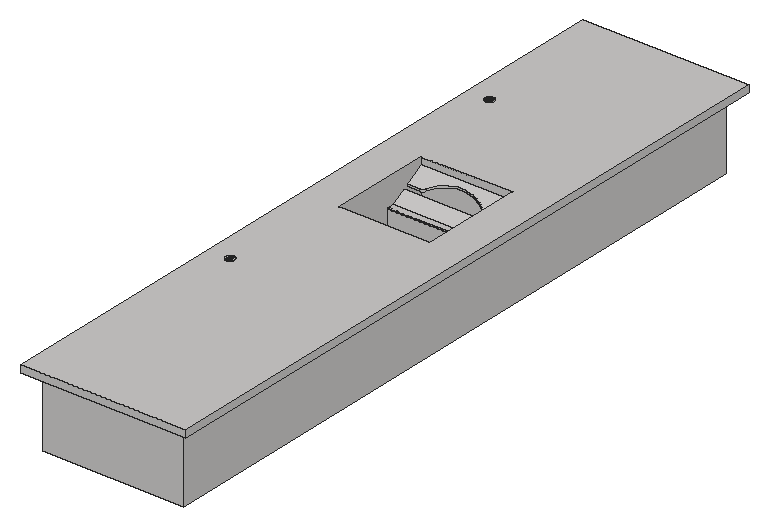
Revit family "B-3803", category Specialty Equipment, host Face, Revit 2019
Family settings
  Host = Face
  Round Connector Dimension = Use Diameter
  Part Type = Normal
  OmniClass Number = 23.40.20.21.17
  OmniClass Title = Paper Towel Dispensers, Disposal Units
  Cut with Voids When Loaded = Yes
  Shared = Yes
  Room Calculation Point = No
Parameters (values of type "B-3803")
  Width = 13"
  URL = "http://www.bobrick.com/"
  Type Comments = ""
  Revised Date = "11/05/2020"  # constant formula
  Product Page URL = "https://www.bobrick.com/products/washroom-accessories/washroom-accessories-catalog/product/b-3803/"
  Product Documentation Link = "https://www.bobrick.com/wp-content/uploads/B-3803_td.pdf"
  Model = "B-3803"
  Material = "Stainless Steel-Bobrick-Satin"
  Manufacturer = "Bobrick"
  Length = 5 5/8"
  Height = 55 1/8"
  Finish = Stainless Steel-Bobrick-Satin
  Description = "TrimLineSeries Recessed Paper Towel Dispenser And Waste Receptacle"
  Default Elevation = 37 3/8"  # constant formula
  Creation Date = "04/24/2018"  # constant formula
  Assembly Code = "C1030200"
Reference planes (in)
  plane 1 "Center (Front/Back)": y = 0
  plane 2: z = 0
  plane 3 "Center (Left/Right)": x = 0
  plane 4: x = -6.5
  plane 5: y = 27.5625
  plane 6: y = -27.5625
  plane 7: x = 6.5
  plane 8: x = 5.53125
  plane 9: x = -5.53125
  plane 10: y = 26.59375
  plane 11: y = -26.59375
  plane 12: z = -5.625
  plane 13: z = 2.5625
  plane 14: y = 6.6875
  plane 15: z = 0.5625
  plane 16: x = -4.74385
  plane 17: y = -9.19474
Forms (in)
  Extrusion 1, solid, material "Stainless Steel-Bobrick-Satin" <- "Finish"
    sketch origin (0, 0, 0) x (1, 0, 0) y (0, 1, 0)
      loop
        line (-5.53125, 26.59375) -> (-5.53125, -26.59375) -> (5.53125, -26.59375) -> (5.53125, 26.59375) -> (-5.53125, 26.59375)
      loop
        line (-3.58641, 8.07155) -> (-3.58641, 0) -> (3.58641, 0) -> (3.58641, 8.07155) -> (-3.58641, 8.07155)
    from -5.625 to 0
  Extrusion 2, solid, material "Stainless Steel-Bobrick-Satin" <- "Finish"
    sketch origin (0, 0, 0) x (1, 0, 0) y (0, 1, 0)
      loop
        line (-6.5, 27.5625) -> (-6.5, -27.5625) -> (6.5, -27.5625) -> (6.5, 27.5625) -> (-6.5, 27.5625)
      loop
        line (-3.58641, 0) -> (3.58641, 0) -> (3.58641, 8.07155) -> (-3.58641, 8.07155) -> (-3.58641, 0)
    from 0 to 0.5625
  Extrusion 3, solid, material "Stainless Steel-Bobrick-Satin" <- "Finish"
    sketch origin (0, 0, -2) x (0, 1, 0) y (0, 0, 1)
      loop
        line (8.07155, 2.02646) -> (5.31939, 0.4375) -> (4.75, 0.4375) -> (4.75, 0.35217) -> (4.90252, 0.35217) -> (5.091, 0.16369) -> (8.07155, 1.88451) -> (8.07155, 2.02646)
    from -3.58641 to 3.58641
  Extrusion 4, void
    sketch origin (0, 0, -2) x (1, 0, 0) y (0, 1, 0)
      loop
        line (-3.58641, 6.34584) -> (3.58641, 6.34584) -> (3.58641, 6.6875) -> (2.64341, 6.6875)
        arc (2.64341, 6.6875) -> (2.43706, 6.724) -> (2.25575, 6.82907) r 0.60156
        arc (2.25575, 6.82907) -> (0.03836, 7.63874) -> (-2.17892, 6.82877) r 3.44051
        arc (-2.17892, 6.82877) -> (-2.3598, 6.72392) -> (-2.56568, 6.6875) r 0.60007
        line (-2.56568, 6.6875) -> (-3.58641, 6.6875) -> (-3.58641, 6.34584)
    from 0 to 2.07578
  Extrusion 5, void
    sketch origin (0, 0, 0) x (1, 0, 0) y (0, 1, 0)
      loop
        line (-5.53125, 26.59375) -> (-5.53125, -26.59375) -> (5.53125, -26.59375) -> (5.53125, 26.59375) -> (-5.53125, 26.59375)
    from -5.625 to 2.5625
  Extrusion 6, void
    sketch origin (-9.48412, 32.44212, 0) x (-1, 0, 0) y (0, -1, 0)
      loop
        line (-4.78434, 15.987) -> (-4.70234, 15.987) -> (-4.70234, 16.10642)
        arc (-4.70234, 16.10642) -> (-4.61659, 16.22543) -> (-4.70234, 16.34445) r 0.12547
        line (-4.70234, 16.34445) -> (-4.70234, 16.377) -> (-4.78434, 16.377) -> (-4.78434, 16.34356)
        arc (-4.78434, 16.34356) -> (-4.86753, 16.22543) -> (-4.78434, 16.1073) r 0.12547
        line (-4.78434, 16.1073) -> (-4.78434, 15.987)
      loop
        line (-4.72772, 16.01825) -> (-4.72772, 16.34575) -> (-4.75897, 16.34575) -> (-4.75897, 16.01825) -> (-4.72772, 16.01825)
    from 0.53376 to 0.58531
  Revolve 7, solid, material "Stainless Steel-Bobrick-Satin" <- "Finish"
    sketch origin (-4.74966, 14.92995, -3.67492) x (0, -1, 0) y (0, 0, 1)
      loop
        line (-1.31454, 3.98742) -> (-0.97157, 3.98742) -> (-0.97157, 4.23742) -> (-1.00305, 4.20594)
        arc (-1.00305, 4.20594) -> (-1.01228, 4.2282) -> (-1.03454, 4.23742) r 0.03148
        line (-1.03454, 4.23742) -> (-1.31454, 4.23742) -> (-1.31454, 3.98742)
      axis (-1.31454, 3.98742) -> (-1.31454, 4.23742)
    angle from 0 to 360
  Extrusion 8, void
    sketch origin (-9.48412, 7.00189, 0) x (-1, 0, 0) y (0, -1, 0)
      loop
        line (-4.78434, 15.987) -> (-4.70234, 15.987) -> (-4.70234, 16.10642)
        arc (-4.70234, 16.10642) -> (-4.61659, 16.22543) -> (-4.70234, 16.34445) r 0.12547
        line (-4.70234, 16.34445) -> (-4.70234, 16.377) -> (-4.78434, 16.377) -> (-4.78434, 16.34356)
        arc (-4.78434, 16.34356) -> (-4.86753, 16.22543) -> (-4.78434, 16.1073) r 0.12547
        line (-4.78434, 16.1073) -> (-4.78434, 15.987)
      loop
        line (-4.72772, 16.01825) -> (-4.72772, 16.34575) -> (-4.75897, 16.34575) -> (-4.75897, 16.01825) -> (-4.72772, 16.01825)
    from 0.53249 to 0.58531
  Revolve 9, solid, material "Stainless Steel-Bobrick-Satin" <- "Finish"
    sketch origin (-4.74966, -10.51027, -3.67492) x (0, -1, 0) y (0, 0, 1)
      loop
        line (-1.31454, 3.98742) -> (-0.97157, 3.98742) -> (-0.97157, 4.23742) -> (-1.00305, 4.20594)
        arc (-1.00305, 4.20594) -> (-1.01228, 4.2282) -> (-1.03454, 4.23742) r 0.03148
        line (-1.03454, 4.23742) -> (-1.31454, 4.23742) -> (-1.31454, 3.98742)
      axis (-1.31454, 3.98742) -> (-1.31454, 4.23742)
    angle from 0 to 360
  Extrusion 10, solid, material "Stainless Steel-Bobrick-Satin" <- "Finish"
    sketch origin (0, 0, 0) x (1, 0, 0) y (0, 1, 0)
      loop
        line (3.58641, 0) -> (3.58641, 8.07155) -> (-3.58641, 8.07155) -> (-3.58641, 0) -> (3.58641, 0)
    from -5.625 to -5.57849
  Extrusion 11, solid, material "Stainless Steel-Bobrick-Satin" <- "Finish"
    sketch origin (0, 0, 0) x (0, 1, 0) y (0, 0, 1)
      loop
        line (4.75, -1.64783) -> (4.75, -5.57849) -> (4.78354, -5.57849) -> (4.78354, -1.64783) -> (4.75, -1.64783)
    from -3.58641 to 3.58641
Cuts and joins
  Extrusion 4, Extrusion 6, Extrusion 8 cuts Extrusion 1
  Extrusion 4, Extrusion 6, Extrusion 8 cuts Extrusion 2
  joined: Extrusion 1, Extrusion 2, Extrusion 10
  Extrusion 4 cuts Extrusion 3
  Extrusion 6, Extrusion 8 cuts Revolve 7
  Extrusion 8 cuts Revolve 9
Lines and regions (in)
  Masking region 1
    outline origin (0, 0, 0) x (1, 0, 0) y (0, 0, 1)
      loop
        line (6.5, 0.5625) -> (-6.5, 0.5625) -> (-6.5, 0) -> (-5.53125, 0) -> (-5.53125, -5.625) -> (5.53125, -5.625) -> (5.53125, 0) -> (6.5, 0) -> (6.5, 0.5625)
  symbolic lines
    curve 1: line (5.53125, 0, 0) -> (-5.53125, 0, 0)
Dimensions and locks (in)
  equal spacing: plane 4, plane 3 "Center (Left/Right)", plane 7
  "Width": plane 4 to plane 7
  equal spacing: plane 5, plane 1 "Center (Front/Back)", plane 6
  "Height": plane 5 to plane 6
  equal spacing: plane 9, plane 3 "Center (Left/Right)", plane 8
  locked: plane 9 to plane 8 at 11.0625
  equal spacing: plane 10, plane 1 "Center (Front/Back)", plane 11
  locked: plane 11 to plane 10 at 53.1875
  plane 12 to level = 5 5/8"  (x2)
  equal spacing: Extrusion 2 sketch curve, plane 3 "Center (Left/Right)", Extrusion 2 sketch curve
  locked: Extrusion 2 sketch curve to Extrusion 2 sketch curve at 7.17282
  plane 14 to plane 1 "Center (Front/Back)" = 6 11/16"
  plane 1 "Center (Front/Back)" to cut or joined group of Extrusion 1, Extrusion 2, Extrusion 4, Extrusion 6, Extrusion 8, Extrusion 10 = 7.63874"
  aligned and locked: plane 2 to host face
  aligned and locked: level to host face
  aligned and locked: plane 12 to Extrusion 1
  aligned and locked: level to Extrusion 1
  aligned and locked: plane 15 to Extrusion 2
  aligned and locked: Extrusion 5 sketch curve to cut or joined group of Extrusion 1, Extrusion 2, Extrusion 4, Extrusion 6, Extrusion 8, Extrusion 10  (x4)
  aligned and locked: plane 12 to Extrusion 5
  aligned and locked: Extrusion 10 sketch curve to cut or joined group of Extrusion 1, Extrusion 2, Extrusion 4, Extrusion 6, Extrusion 8, Extrusion 10  (x4)
  aligned and locked: Extrusion 11 sketch curve to cut or joined group of Extrusion 3, Extrusion 4  (x2)
  aligned and locked: cut or joined group of Extrusion 1, Extrusion 2, Extrusion 4, Extrusion 6, Extrusion 8, Extrusion 10 to Extrusion 11 sketch curve
  aligned and locked: Extrusion 11 to cut or joined group of Extrusion 1, Extrusion 2, Extrusion 4, Extrusion 6, Extrusion 8, Extrusion 10  (x2)
  aligned and locked: Masking region 1 sketch curve to cut or joined group of Extrusion 1, Extrusion 2, Extrusion 4, Extrusion 6, Extrusion 8, Extrusion 10  (x7)
  aligned and locked: host face to Masking region 1 sketch curve
  aligned and locked: cut or joined group of Extrusion 1, Extrusion 2, Extrusion 4, Extrusion 6, Extrusion 8, Extrusion 10 to host face
Automatic sketch dimensions
  host sketch curve to host sketch curve = 96"  (x2)
  Extrusion 2 sketch curve to plane 4 = 0"
  Extrusion 2 sketch curve to plane 5 = 0"
  Extrusion 2 sketch curve to plane 7 = 0"
  plane 6 to Extrusion 2 sketch curve = 0"
  plane 1 "Center (Front/Back)" to Extrusion 2 sketch curve = 0"
  plane 14 to Extrusion 2 sketch curve = 1.38405"
  Extrusion 3 sketch curve to plane 14 = 1 15/16"
  Extrusion 3 sketch curve to Extrusion 3 sketch curve = 0.15252"
  Extrusion 3 sketch curve to Extrusion 3 sketch curve = 0.18848"  (x2)
  Extrusion 3 sketch curve to Extrusion 3 sketch curve = 0.22839"
  level to Extrusion 3 sketch curve = 0.02646"
  plane 14 to Extrusion 3 sketch curve = 1.38405"
  Extrusion 3 sketch curve to level = 0.11549"
  Extrusion 3 sketch curve to level = 1 9/16"
  Extrusion 3 sketch curve to Extrusion 3 sketch curve = 0.08533"
  Extrusion 4 sketch curve to plane 14 = 0"  (x2)
  plane 16 to Extrusion 4 sketch curve = 1.15745"
  Extrusion 4 sketch curve to Extrusion 4 sketch curve = 1.02073"
  plane 3 "Center (Left/Right)" to Extrusion 4 sketch curve = 0.03859"
  plane 3 "Center (Left/Right)" to Extrusion 4 sketch curve = 2.64341"
  Extrusion 4 sketch curve to Extrusion 4 sketch curve = 0.943"
  Extrusion 4 sketch curve to plane 14 = 0.34166"
  Extrusion 4 sketch curve to plane 14 = 2.48927"
  Extrusion 4 sketch curve to Extrusion 4 sketch curve = 0.60007"
  Extrusion 4 sketch curve to Extrusion 4 sketch curve = 77/128"
  Extrusion 4 sketch curve to Extrusion 4 sketch curve = 0"
  Extrusion 6 sketch curve to Extrusion 6 sketch curve = 0"  (x2)
  plane 16 to Extrusion 6 sketch curve = 0.04408"  (x2)
  plane 16 to Extrusion 6 sketch curve = 0.0187"
  plane 16 to Extrusion 6 sketch curve = 0.00179"
  Extrusion 6 sketch curve to plane 16 = 0.01255"
  Extrusion 6 sketch curve to plane 16 = 0.03792"  (x2)
  plane 14 to Extrusion 6 sketch curve = 9.76762"
  Extrusion 6 sketch curve to Extrusion 6 sketch curve = 1/32"
  Extrusion 6 sketch curve to Extrusion 6 sketch curve = 0.08817"
  Extrusion 6 sketch curve to Extrusion 6 sketch curve = 0.00089"
  Extrusion 6 sketch curve to Extrusion 6 sketch curve = 0.11902"
  Extrusion 6 sketch curve to Extrusion 6 sketch curve = 0.0013"
  Extrusion 6 sketch curve to Extrusion 6 sketch curve = 0.03255"
  Revolve 7 sketch curve to plane 15 = 0"  (x3)
  Revolve 7 sketch curve to plane 15 = 1/4"
  plane 14 to Revolve 7 sketch curve = 9.55699"
  Revolve 7 sketch curve to plane 15 = 0.03148"
  Revolve 7 sketch curve to Revolve 7 sketch curve = 0.28"
  Revolve 7 sketch curve to Revolve 7 sketch curve = 0.03148"
  Revolve 7 sketch curve to Revolve 7 sketch curve = 0"
  plane 15 to Revolve 7 sketch curve = 0.11448"
  Extrusion 8 sketch curve to Extrusion 8 sketch curve = 0"  (x2)
  plane 16 to Extrusion 8 sketch curve = 0.04408"  (x2)
  plane 16 to Extrusion 8 sketch curve = 0.0187"
  plane 16 to Extrusion 8 sketch curve = 0.00179"
  Extrusion 8 sketch curve to plane 16 = 0.01255"
  Extrusion 8 sketch curve to plane 16 = 0.03792"  (x2)
  plane 17 to Extrusion 8 sketch curve = 0.20963"
  Extrusion 8 sketch curve to Extrusion 8 sketch curve = 1/32"
  plane 17 to Extrusion 8 sketch curve = 0.09021"
  Extrusion 8 sketch curve to Extrusion 8 sketch curve = 0.00089"
  Extrusion 8 sketch curve to plane 17 = 0.02881"
  Extrusion 8 sketch curve to Extrusion 8 sketch curve = 0.0013"
  Extrusion 8 sketch curve to Extrusion 8 sketch curve = 0.03255"
  Revolve 9 sketch curve to plane 15 = 0"  (x3)
  Revolve 9 sketch curve to plane 17 = 0.001"  (x2)
  Revolve 9 sketch curve to plane 15 = 0.03148"
  Revolve 9 sketch curve to plane 17 = 0.281"
  Revolve 9 sketch curve to Revolve 9 sketch curve = 0.03148"
  Revolve 9 sketch curve to Revolve 9 sketch curve = 0.21852"
  Revolve 9 sketch curve to Revolve 9 sketch curve = 0.11448"
  Extrusion 1 sketch curve to plane 9 = 0"
  plane 1 "Center (Front/Back)" to Extrusion 1 sketch curve = 0"
  Extrusion 1 sketch curve to plane 8 = 0"
  plane 11 to Extrusion 1 sketch curve = 0"
  Extrusion 1 sketch curve to plane 10 = 0"
  plane 16 to Extrusion 1 sketch curve = 1.15745"
  Extrusion 1 sketch curve to plane 8 = 1.94484"
  plane 14 to Extrusion 1 sketch curve = 1.38405"
  Extrusion 11 sketch curve to Extrusion 11 sketch curve = 0.03354"
  curve 1 to level = 0"
  plane 9 to curve 1 = 0"
  curve 1 to plane 8 = 0"
